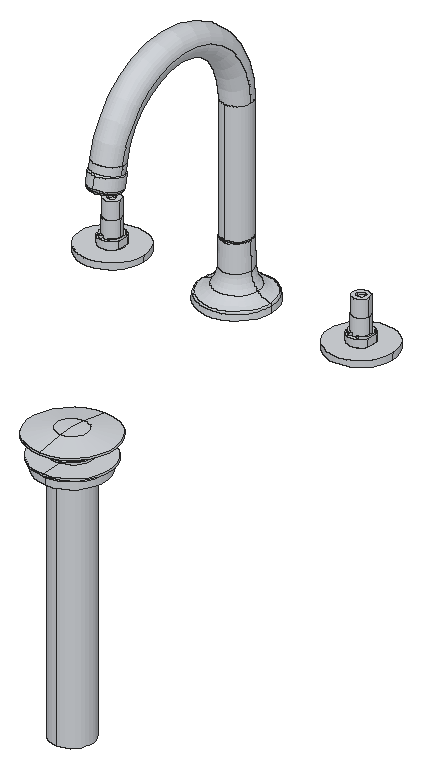
Revit family "Lixil-Grohe-Listra-8in_Widespread_Lav-106221_0", category Plumbing Fixtures, host Face, Revit 2023
Family settings
  Host = Face
  Round Connector Dimension = Use Diameter
  Part Type = Normal
  OmniClass Number = 23.45.55.17
  OmniClass Title = Mixing Faucets
  Enable Cutting in Views = Yes
  Cut with Voids When Loaded = No
  Maintain Annotation Orientation = No
  Shared = No
  Room Calculation Point = No
Parameters (values of type "Listra 8" Widespread Lav")
  Vertical Offset Drain [instance] = 1"
  Lever Width = 235/256"  # constant formula
  Horizontal Offset Drain [instance] = 6 1/2"
  Handle Distance [instance] = 7 7/8"
  Hand Shower Width = 1 247/256"  # constant formula
  Hand Shower Height = 1 121/256"  # constant formula
  Faucet Width = 2 31/128"  # constant formula
  Faucet Height = 8 189/256"  # constant formula
  Faucet Depth = 6 99/128"  # constant formula
  Drain [instance] = yes
  Diverter Handle Width = 9 123/128"  # constant formula
  Waste Connection = 1 = 0  # no
  Warranty URL = "https://www.grohe.us/support/warranty"
  Version = "2023 - v1.0a"  # constant formula
  Vent Connection = 1 = 0  # no
  URL = "https://www.grohe.us"
  Support Phone = "224-699-9545"  # constant formula
  Support Email = "mailto:support@bimsmith.com"
  Product Page URL = "https://www.grohe.us"
  Product Name = "Listra 8in Widespread Lav"  # constant formula
  Product Documentation Link = "https://www.grohe.us"
  Model = "106221_0"  # constant formula
  Manufacturer Phone Number = "630-872-5570"  # constant formula
  Manufacturer Email = "https://www.grohe.us"
  Manufacturer Address = "https://www.grohe.us"
  Manufacturer = "LIXIL"  # constant formula
  Keynote = "22 40 00"
  HW Connection = 1 = 1  # yes
  Finish = Metal - Grohe - Chrome
  Description = "Listra 8in Widespread Lav"  # constant formula
  Default Elevation = 0"  # constant formula
  Copyright = "©LIXIL® | All Rights Reserved"  # constant formula
  Collection = "Listra"  # constant formula
  CW Connection = 1 = 1  # yes
  Brand = "Grohe"  # constant formula
  Assembly Code = "D2010400"
Reference planes (in)
  plane 1 "Center (Front/Back)": y = 0
  plane 2: z = 0
  plane 3 "Center (Left/Right)": x = 0
  plane 4: x = -3.9375
  plane 5: x = 3.9375
Lines and regions (in)
  reference lines
    curve 1: line (0, -21.96109, -1) -> (0, 0, -1)
    curve 2: line (0, -16.71109, -21.40322) -> (0, -16.71109, 24.59678)
Dimensions and locks (in)
  "Vertical Offset Drain": plane 2 to curve 1
  "Horizontal Offset Drain": plane 1 "Center (Front/Back)" to nested 2
  equal spacing: plane 4, plane 3 "Center (Left/Right)", plane 5
  "Handle Distance": plane 4 to plane 5
  aligned and locked: plane 2 to host face
  aligned and locked: level to host face
  aligned and locked: nested 2 to curve 1
  aligned and locked: plane 1 "Center (Front/Back)" to nested 3
  aligned and locked: plane 4 to nested 3
  aligned and locked: plane 5 to nested 4
  aligned and locked: plane 1 "Center (Front/Back)" to nested 4
Automatic sketch dimensions
  host sketch curve to host sketch curve = 96"
  host sketch curve to host sketch curve = 51.23644"
  curve 1 to plane 1 "Center (Front/Back)" = 0"
  plane 1 "Center (Front/Back)" to curve 1 = 21.96109"
Nested families (in)
  nested 1: "Faucet_106221_0" at (0, 0, 0), type "Faucet_106221_0"
    with Height 9 3/16"
  nested 2: "Drain-106221_0" at (0, -6.5, -1) x (-1, 0, 0) z (0, 0, 1), visible <- "Drain", type "Drain-106221_0"
    with Height 14 15/16", Below Floor Rough yes
  nested 3: "Handle-106221_0" at (-3.9375, 0, 0), type "Handle-106221_0"
    with Height 2 1/4"
  nested 4: "Handle-106221_0" at (3.9375, 0, 0), type "Handle-106221_0"
    with Height 2 1/4"
Connectors (in)
  piping at (0, 0, 0), diameter 0.25
    settings: index 1, connector inside diameter 24", connector length 0", flow factor 0, pipe flow 0 GPM, pressure drop 0.00 psi, fitting loss kfactor 0, connector angle 0.00°, fixture units 0, engagement length 0", angle of deflection 0.00°, flow configuration 0, flow direction 0, fitting loss method 0, system type 7, joint type 0, gender type 0, connector reference index -1, connector utility 0, adjustable connector no, is connector primary yes, connector description ""
Definition of nested family "Faucet_106221_0"
  Parameters (values of type "106237_Nested01")
    Depth = 3 3/16"  # constant formula
    Width = 7 3/4"  # constant formula
    Waste Connection = 1 = 0  # no
    Warranty URL = "https://www.grohe.us/support/warranty"
    Version = "2023 - v1.0a"  # constant formula
    Vent Connection = 1 = 0  # no
    URL = "https://www.grohe.us"
    Support Phone = "224-699-9545"  # constant formula
    Support Email = "mailto:support@bimsmith.com"
    Product Page URL = "Contact Manufacturer"
    Product Name = "Listra 2-H PBV Trim w/ 3-way Divert"  # constant formula
    Product Documentation Link = "Contact Manufacturer"
    Model = "106235_0"
    Manufacturer Phone Number = "855-815-0004"  # constant formula
    Manufacturer Email = "Contact Manufacturer for More Information"
    Manufacturer Address = "Contact Manufacturer for More Information"
    Manufacturer = "LIXIL"  # constant formula
    Keynote = "22 40 00"
    Height [instance] = 9 3/16"  # constant formula
    HW Connection = 1 = 1  # yes
    Finish = none
    Description = "Listra 2-H PBV Trim w/ 3-way Divert"  # constant formula
    Default Elevation = 0"  # constant formula
    Copyright = "©LIXIL® | All Rights Reserved"  # constant formula
    Collection = "Listra"  # constant formula
    CW Connection = 1 = 1  # yes
    Brand = "Grohe"  # constant formula
    Assembly Code = "D2010400"
  Reference planes (in)
    plane 1 "Center (Front/Back)": y = 0
    plane 2: z = 0
    plane 3 "Center (Left/Right)": x = 0
  Forms (in)
    Extrusion 1, solid
      sketch origin (0, 0, 0) x (1, 0, 0) y (0, 1, 0)
        loop
          line (-48, 48) -> (-48, -48) -> (48, -48) -> (48, 48) -> (-48, 48)
      from 0 to -12
    Revolve 2, solid, material <- "Finish"
      sketch origin (0, 0, 0) x (1, 0, 0) y (0, 0, 1)
        loop
          line (0, 0) -> (1.12062, 0) -> (1.09847, 0.18039)
          arc (1.09847, 0.18039) -> (1.08783, 0.21124) -> (1.06019, 0.22859) r 0.04904
          arc (1.06019, 0.22859) -> (0.84409, 0.31161) -> (0.66097, 0.45321) r 0.7972
          arc (0.66097, 0.45321) -> (0.52667, 0.69181) -> (0.47527, 0.96074) r 0.84926
          line (0.47527, 0.96074) -> (0.45267, 1.79912)
          arc (0.45267, 1.79912) -> (0.44573, 1.81781) -> (0.42881, 1.82837) r 0.0309
          line (0.42881, 1.82837) -> (0, 1.82837) -> (0, 0)
        axis (0, 1.82837) -> (0, 0)
      angle from 0 to 360
    Revolve 3, solid, material <- "Finish"
      sketch origin (0, 0, 0) x (0, 1, 0) y (0, 0, 1)
        loop
          line (0, 1.82837) -> (0.42506, 1.82837)
          arc (0.42506, 1.82837) -> (0.44424, 1.83631) -> (0.45218, 1.85549) r 0.02712
          line (0.45218, 1.85549) -> (0.45218, 5.70137) -> (0, 5.70137) -> (0, 1.82837)
        axis (0, 5.70137) -> (0, 1.82837)
      angle from 0 to 360
    Sweep 4, solid, material <- "Finish"
      path origin (0, 0, 0) x (0, 1, 0) y (0, 0, 1)
        loop
          arc (0.45218, 5.70137) -> (-2.29363, 8.69789) -> (-5.51806, 6.2237) r 3.00797
          line (-5.51806, 6.2237) -> (-5.56147, 5.9775)
      profile origin (0, -2.29363, 8.69789) x (0, -0.087156, -0.996195) y (1, 0, 0)
        loop
          circle (0.45218, 0) r 0.45218
    Revolve 5, solid, material <- "Finish"
      sketch origin (0, 0, 0) x (0, 1, 0) y (0, 0, 1)
        loop
          line (-5.11617, 5.89898) -> (-5.56147, 5.9775)
          arc (-5.56147, 5.9775) -> (-5.58935, 5.96875) -> (-5.60723, 5.94565) r 0.04879
          line (-5.60723, 5.94565) -> (-5.67321, 5.57727)
          arc (-5.67321, 5.57727) -> (-5.67068, 5.55631) -> (-5.65947, 5.53841) r 0.04848
          arc (-5.65947, 5.53841) -> (-5.65675, 5.50642) -> (-5.63399, 5.48377) r 0.04662
          line (-5.63399, 5.48377) -> (-5.49948, 5.45968)
          arc (-5.49948, 5.45968) -> (-5.36722, 5.37645) -> (-5.21818, 5.32946) r 0.61139
          line (-5.21818, 5.32946) -> (-5.11617, 5.89898)
        axis (-5.11617, 5.89898) -> (-5.21818, 5.32946)
      angle from 0 to 360
  Dimensions and locks (in)
    aligned and locked: plane 2 to Extrusion 1
    aligned and locked: level to Extrusion 1
    aligned and locked: Revolve 2 sketch curve to plane 3 "Center (Left/Right)"
Definition of nested family "Drain-106221_0"
  Parameters (values of type "106222_0")
    drain = 14 3/8"
    Width = 15 1/8"  # constant formula
    Waste Connection = 1 = 0  # no
    Warranty URL = "https://www.grohe.us/support/warranty"
    Version = "2023 - v1.0a"  # constant formula
    Vent Connection = 1 = 0  # no
    URL = ""
    Support Phone = "224-699-9545"  # constant formula
    Support Email = "mailto:support@bimsmith.com"
    Product Page URL = "https://lixilpro.com/products/spalet/spaLet-toilets/Electronic-Bidet-Toilet-128-08-gpf-48-30-Lpf/ALPINE-WHITE-131886SH00/"
    Product Name = "The Sensia Bidet Tiolet"  # constant formula
    Product Documentation Link = ""
    Model = "131886"
    Manufacturer Phone Number = "855-815-0004"  # constant formula
    Manufacturer Email = ""
    Manufacturer Address = "Contact Manufacturer for More Information"
    Manufacturer = "LIXIL"  # constant formula
    Length = 17 1/4"  # constant formula
    Keynote = "22 40 00"
    Height [instance] = 14 15/16"
    HW Connection = 1 = 1  # yes
    Finish = none
    Description = "Electronic Bidet Toilet"  # constant formula
    Default Elevation = 0"  # constant formula
    Copyright = "©LIXIL® | All Rights Reserved"  # constant formula
    Collection = "SENSIA"  # constant formula
    CW Connection = 1 = 1  # yes
    Brand = "Grohe"  # constant formula
    Below Floor Rough [instance] = yes
    Assembly Code = "D2010400"
  Reference planes (in)
    plane 1 "Center (Front/Back)": y = 0
    plane 2: z = 0
    plane 3 "Center (Left/Right)": x = 0
  Forms (in)
    Extrusion 1, solid
      sketch origin (0, 0, 0) x (1, 0, 0) y (0, 1, 0)
        loop
          line (-48, 48) -> (-48, -35.31442) -> (48, -35.31442) -> (48, 48) -> (-48, 48)
      from 0 to -12
    Revolve 2, solid, material <- "Finish"
      sketch origin (0, 0, 0) x (0, 1, 0) y (0, 0, 1)
        loop
          line (0, 0.22513) -> (0, -0.2751) -> (0.66431, -0.2751) -> (0.66431, -0.23573) -> (0.59736, -0.23573) -> (0.59736, 0) -> (1.28995, 0) -> (1.28995, 0.05529)
          arc (1.28995, 0.05529) -> (0.87927, 0.13827) -> (0.46496, 0.20076) r 8.43446
          arc (0.46496, 0.20076) -> (0.23292, 0.22137) -> (0, 0.22513) r 3.2142
        axis (0, 0.22513) -> (0, -0.2751)
      angle from 0 to 360
    Revolve 3, solid, material <- "Finish"
      sketch origin (0, 0, -6) x (0, 1, 0) y (0, 0, 1)
        loop
          line (0.62359, -2.5338) -> (0.62359, 5.03117) -> (1.04383, 5.03117) -> (1.04383, 5.2477) -> (0, 5.2477) -> (0, -2.5338) -> (0.62359, -2.5338)
        axis (0, 5.2477) -> (0, -2.5338)
      angle from 0 to 360
    Revolve 4, solid, material <- "Finish"
      sketch origin (0, 0, -0.3304) x (0, 1, 0) y (0, 0, 1)
        loop
          line (0.75, -0.4219) -> (1.18101, -0.30641) -> (1.18101, -0.25835) -> (0.35173, -0.25835) -> (0.35173, -0.14943) -> (0.64667, -0.14943) -> (0.64667, -0.11006) -> (0.56125, -0.11006) -> (0.56125, 0.05529) -> (0, 0.05529) -> (0, -0.4219) -> (0.75, -0.4219)
        axis (0, 0.05529) -> (0, -0.4219)
      angle from 0 to 360
  Dimensions and locks (in)
    aligned and locked: plane 2 to Extrusion 1
    aligned and locked: level to Extrusion 1
Definition of nested family "Handle-106221_0"
  Parameters (values of type "Listra WM Lav Faucet")
    Depth = 8 3/8"  # constant formula
    Width = 2 1/4"  # constant formula
    Waste Connection = 1 = 0  # no
    Warranty URL = "https://www.grohe.us/support/warranty"
    Version = "2023 - v1.0a"  # constant formula
    Vent Connection = 1 = 0  # no
    URL = "https://www.grohe.us"
    Support Phone = "224-699-9545"  # constant formula
    Support Email = "mailto:support@bimsmith.com"
    Product Page URL = "https://www.grohe.us"
    Product Name = "Listra WM Lav Faucet"  # constant formula
    Product Documentation Link = "https://www.grohe.us"
    Model = "106216_0"
    Manufacturer Phone Number = "630-872-5570"  # constant formula
    Manufacturer Email = "https://www.grohe.us"
    Manufacturer Address = "https://www.grohe.us"
    Manufacturer = "LIXIL"  # constant formula
    Keynote = "22 40 00"
    Height [instance] = 2 1/4"  # constant formula
    HW Connection = 1 = 1  # yes
    Finish = none
    Description = "Lav Faucet"  # constant formula
    Default Elevation = 0"  # constant formula
    Copyright = "©LIXIL® | All Rights Reserved"  # constant formula
    Collection = "Listra"  # constant formula
    CW Connection = 1 = 1  # yes
    Brand = "Grohe"  # constant formula
    Assembly Code = "D2010400"
  Reference planes (in)
    plane 1 "Center (Front/Back)": y = 0
    plane 2: z = 0
    plane 3 "Center (Left/Right)": x = 0
  Forms (in)
    Extrusion 1, solid
      sketch origin (0, 0, 0) x (1, 0, 0) y (0, 1, 0)
        loop
          line (-4.42123, 7.61619) -> (-4.42123, -3.30112) -> (6.77926, -3.30112) -> (6.77926, 7.61619) -> (-4.42123, 7.61619)
      from 0 to -12
    Extrusion 2, solid, material <- "Finish"
      sketch origin (3.9381, 0, -0.94744) x (0, -1, 0) y (1, 0, 0)
        loop
          circle (0, -3.9381) r 1
      from 0.94744 to 1.13642
    Extrusion 3, solid, material <- "Finish"
      sketch origin (3.9381, 0, 0.18898) x (0, -1, 0) y (1, 0, 0)
        loop
          circle (0, -3.9381) r 0.34766
      from 0 to 0.03176
    Extrusion 4, solid, material <- "Finish"
      sketch origin (3.9381, 0, 0.22074) x (0, -1, 0) y (1, 0, 0)
        loop
          arc (0.17001, -4.29412) -> (0.39453, -3.9381) -> (0.17001, -3.58207) r 0.39453
          line (0.17001, -3.58207) -> (-0.17001, -3.58207)
          arc (-0.17001, -3.58207) -> (-0.39453, -3.9381) -> (-0.17001, -4.29412) r 0.39453
          line (-0.17001, -4.29412) -> (0.17001, -4.29412)
      from 0 to 0.21779
    Extrusion 5, solid, material <- "Finish"
      sketch origin (3.9381, 0, 0.43853) x (0, -1, 0) y (1, 0, 0)
        loop
          arc (0.30573, -3.77258) -> (-0.34766, -3.9381) -> (0.30573, -4.10361) r 0.34766
          arc (0.30573, -4.10361) -> (0.29833, -4.05372) -> (0.25171, -4.03448) r 0.0511
          arc (0.25171, -4.03448) -> (-0.26953, -3.9381) -> (0.25171, -3.84171) r 0.26953
          arc (0.25171, -3.84171) -> (0.29833, -3.82247) -> (0.30573, -3.77258) r 0.0511
      from 0 to 0.05163
    Extrusion 6, solid, material <- "Finish"
      sketch origin (3.9381, 0, 0.43853) x (0, -1, 0) y (1, 0, 0)
        loop
          circle (0, -3.9381) r 0.26953
      from 0 to 0.53344
    Extrusion 7, solid, material <- "Finish"
      sketch origin (3.9381, 0, 0.97197) x (0, -1, 0) y (1, 0, 0)
        loop
          circle (0, -3.9381) r 0.12891
      from 0 to 0.47458
    Extrusion 8, solid, material <- "Finish"
      sketch origin (3.9381, 0, 0.97197) x (0, -1, 0) y (1, 0, 0)
        loop
          circle (0, -3.9381) r 0.12891
        loop
          circle (0, -3.9381) r 0.25391
      from 0 to 0.52016
  Dimensions and locks (in)
    aligned and locked: plane 2 to Extrusion 1
    aligned and locked: level to Extrusion 1
